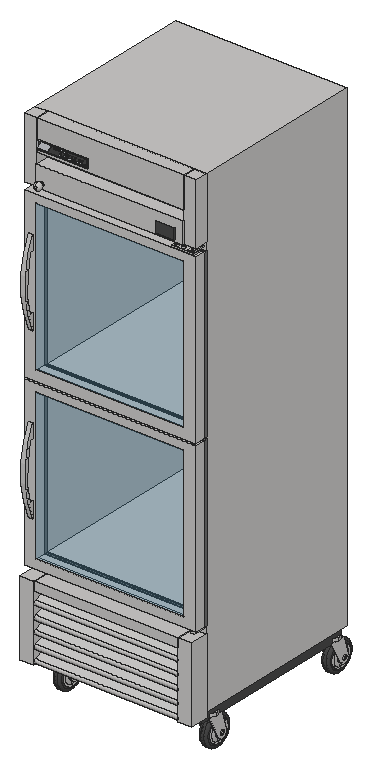
Revit family "QF_TRUE_T-23DT-G-HC~FGD01", category Specialty Equipment, Revit 2015
Parameters (values of type "T-23DT-G-HC~FGD01_115/60/1'")
  Weight in Pounds = 380
  Watts = if(Phase = 3, Volts * FL Amps * 1.73, Volts * FL Amps)  # 724.5 W
  Volts = 115 V
  URL Cutsheet = ""
  Specification by User = ""
  Specification by Manufacturer = ""
  Show Logo [instance] = yes
  Show Clearance [instance] = yes
  Show 6 Inches Standard Legs [instance] = no
  Show 6 Inches Seismic Flanged Legs [instance] = no
  Show 5 Inches Castors [instance] = if(Show 6 Inches Seismic Flanged Legs, or(Show 6 Inches Standard Legs, Show 2.5 Inches Castors), if(Show 2.5 Inches Castors, Show 6 Inches Standard Legs, not(or(Show 6 Inches Standard Legs, Show 2.5 Inches Castors, Show 6 Inches Seismic Flanged Legs))))  # yes
  Show 2.5 Inches Castors [instance] = no
  Overall Height [instance] = Body Height + Base Height  # 83 11/32"
  Keynote = ""
  Serial Number = ""
  Seismic Rating = ""
  SMACNA No = ""
  Revision Code = ""
  Phase = 1
  Number of Poles = 1
  NAFEM Spec ID Number = ""
  Model = "T-23DT-G-HC~FGD01"
  Min Ckt Ampacity = 0 A
  Max Overcurrent Protection = 0 A
  Masterspec = ""
  Manufacturer = "TRUE"
  Length = 27 1/32"
  Item Number = ""
  Installed By = ""
  Identify Quantity as Lot = yes
  Height = 83 11/32"
  HP = "1/2"
  Furnished By = ""
  Foodservice Equipment Identifier = yes
  FL Amps = 6.3 A
  Electrical Remarks = ""
  Electric Connection Type = ""
  Elec Conn RI Height = 0"
  Elec Conn Connection Height = 0"
  Description = "REACH-IN COMBINATION HALF SWING DOOR REFRIGERATOR WITH HYDROCARBON REFRIGERANT~FRAMED GLASS DOOR VERSION 01"
  Depth = 31 13/16"
  Cycle = 60 Hz
  Conn Plug = "NEMA 5-15P"
  Conn Conduit = yes
  CSI MasterFormat = ""
  Body Height [instance] = 78 11/32"
  Base Height [instance] = if(Show 5 Inches Castors, 5", if(Show 6 Inches Seismic Flanged Legs, 6", if(Show 6 Inches Standard Legs, 6", if(Show 2.5 Inches Castors, 2 1/2", 5 1/4"))))  # 5"
  Apparent Power = if(Phase = 3, Volts * FL Amps * 1.73, Volts * FL Amps)  # 724.5 VA
  6 Inches Standard Legs [instance] = and(Show 6 Inches Standard Legs, not(Show 5 Inches Castors))  # no
  6 Inches Seismic Flanged Legs [instance] = and(Show 6 Inches Seismic Flanged Legs, not(Show 5 Inches Castors))  # no
  2.5 Inches Castors [instance] = and(Show 2.5 Inches Castors, not(Show 5 Inches Castors))  # no
Reference planes (in)
  plane 1 "BACK": y = 0
  plane 2: z = 0
  plane 3 "LEFT": x = 0
  plane 4 "RIGHT": x = 27.03125
  plane 5 "FRONT": y = -31.8125
  plane 6 "TOP": z = 5
  plane 7 "Center Y": x = 13.51563
  plane 8 "Center X": y = -15.90625
  plane 9: z = 83.34375
Dimensions and locks (in)
  equal spacing: plane 3 "LEFT", plane 7 "Center Y", plane 4 "RIGHT"
  "Length": plane 3 "LEFT" to plane 4 "RIGHT"
  equal spacing: plane 5 "FRONT", plane 8 "Center X", plane 1 "BACK"
  "Depth": plane 5 "FRONT" to plane 1 "BACK"
  "Base Height": plane 6 "TOP" to level
  plane 4 "RIGHT" to plane 3 "LEFT" = 27 1/32"
  "Body Height": plane 9 to plane 6 "TOP"
  "Overall Height": plane 9 to plane 2
  aligned and locked: plane 2 to level
  aligned and locked: nested 1 to plane 6 "TOP"
Nested families (in)
  nested 1: "T-23DT-G-HC-FGD01" at (0, 0, 5), type "T-23DT-G-HC-FGD01"
    with Show Logo yes, Show Clearance yes
  nested 2: "CASTER-LEGS" at (25.05311, -25.46213, 0), Show Siesmic Flanged <- "Show 6 Inches Seismic Flanged Legs", Show 6 Inches Legs <- "Show 6 Inches Standard Legs", Show 6" Casters <- "Show 5 Inches Castors", Show 2.5 Casters <- "Show 2.5 Inches Castors", type "CASTER-LEGS"
    with Type Mark "", Status "", Specification by User "", Show Siesmic Flanged no, Show 6" Casters yes, Show 6 Inches Legs no, Show 5" Casters no, Show 4" Casters no, Show 2.5 Standard Legs no, Show 2.5 Casters no, Revision Code "", Low Profile yes, Item Number "", Installed By "", Identify Quantity as Lot yes, Furnished By "", Foodservice Equipment Identifier yes
  nested 3: "CASTER-LEGS" at (1.97814, -25.46213, 0), Show Siesmic Flanged <- "Show 6 Inches Seismic Flanged Legs", Show 6 Inches Legs <- "Show 6 Inches Standard Legs", Show 6" Casters <- "Show 5 Inches Castors", Show 2.5 Casters <- "Show 2.5 Inches Castors", type "CASTER-LEGS"
    with Type Mark "", Status "", Specification by User "", Show Siesmic Flanged no, Show 6" Casters yes, Show 6 Inches Legs no, Show 5" Casters no, Show 4" Casters no, Show 2.5 Standard Legs no, Show 2.5 Casters no, Revision Code "", Low Profile yes, Item Number "", Installed By "", Identify Quantity as Lot yes, Furnished By "", Foodservice Equipment Identifier yes
  nested 4: "CASTER-LEGS" at (25.05311, -1.33713, 0), Show Siesmic Flanged <- "Show 6 Inches Seismic Flanged Legs", Show 6 Inches Legs <- "Show 6 Inches Standard Legs", Show 6" Casters <- "Show 5 Inches Castors", Show 2.5 Casters <- "Show 2.5 Inches Castors", type "CASTER-LEGS"
    with Type Mark "", Status "", Specification by User "", Show Siesmic Flanged no, Show 6" Casters yes, Show 6 Inches Legs no, Show 5" Casters no, Show 4" Casters no, Show 2.5 Standard Legs no, Show 2.5 Casters no, Revision Code "", Low Profile yes, Item Number "", Installed By "", Identify Quantity as Lot yes, Furnished By "", Foodservice Equipment Identifier yes
  nested 5: "CASTER-LEGS" at (1.97814, -1.33713, 0), Show Siesmic Flanged <- "Show 6 Inches Seismic Flanged Legs", Show 6 Inches Legs <- "Show 6 Inches Standard Legs", Show 6" Casters <- "Show 5 Inches Castors", Show 2.5 Casters <- "Show 2.5 Inches Castors", type "CASTER-LEGS"
    with Type Mark "", Status "", Specification by User "", Show Siesmic Flanged no, Show 6" Casters yes, Show 6 Inches Legs no, Show 5" Casters no, Show 4" Casters no, Show 2.5 Standard Legs no, Show 2.5 Casters no, Revision Code "", Low Profile yes, Item Number "", Installed By "", Identify Quantity as Lot yes, Furnished By "", Foodservice Equipment Identifier yes
Connectors (in)
  electrical at (12.40625, 0.25, 7.43713), driven by "Volts", driven by "Watts"
    settings: on nested 1, index 1, voltage 115 V, apparent load 724.5 VA, apparent load phase1 0 VA, apparent load phase2 0 VA, apparent load phase3 0 VA, power factor 1, load classification "Other", number of poles 1, system type 30, power factor state 1, is connector primary yes, connector utility no, sub classification motor no, connector description "ELECTRICAL CONNECTION"
Definition of nested family "T-23DT-G-HC-FGD01"
  Parameters (values of type "T-23DT-G-HC-FGD01")
    Weight in Pounds = 0
    Watts = if(Phase = 3, Volts * FL Amps * 1.73, Volts * FL Amps)  # 0 W
    Volts = 0 V
    URL Cutsheet = ""
    Specification by User = ""
    Specification by Manufacturer = ""
    Show Logo [instance] = yes
    Show Clearance [instance] = yes
    Serial Number = ""
    Seismic Rating = ""
    SMACNA No = ""
    Revision Code = ""
    Phase = 0
    Number of Poles = 1
    NAFEM Spec ID Number = ""
    Model = "T-23DT-G-HC~FGD01"
    Min Ckt Ampacity = 0 A
    Max Overcurrent Protection = 0 A
    Masterspec = ""
    Manufacturer = "TRUE"
    Length = 27 1/32"
    Item Number = ""
    Installed By = ""
    Identify Quantity as Lot = yes
    Height = 78 11/32"
    HP = ""
    Furnished By = ""
    Foodservice Equipment Identifier = yes
    FL Amps = 0 A
    Electrical Remarks = ""
    Electric Connection Type = ""
    Elec Conn RI Height = 0"
    Elec Conn Connection Height = 0"
    Description = ""
    Depth = 31 13/16"
    Cycle = 0 Hz
    Conn Plug = ""
    Conn Conduit = yes
    CSI MasterFormat = ""
    Apparent Power = if(Phase = 3, Volts * FL Amps * 1.73, Volts * FL Amps)  # 0 VA
  Reference planes (in)
    plane 1 "BACK": y = 0
    plane 2: z = 0
    plane 3 "LEFT": x = 0
    plane 4 "RIGHT": x = 27.03125
    plane 5 "FRONT": y = -31.8125
    plane 6 "TOP": z = 78.34375
    plane 7 "Center Y": x = 13.51563
    plane 8 "Center X": y = -15.90625
    plane 9: y = -30.34375
    plane 10: y = -55.75
    plane 11: y = -0.53125
  Forms (in)
    Extrusion 1, solid
      sketch origin (0, 0, -3.4375) x (0, 1, 0) y (0, 0, 1)
        loop
          line (-27.83459, 5.6875) -> (-27.83459, 3.4375) -> (-0.53125, 3.4375) -> (-0.53125, 5.6875) -> (-27.83459, 5.6875)
      from 1.05258 to 25.94742
    Extrusion 2, solid
      sketch origin (0, 0, 59.09193) x (0, 0, -1) y (-1, 0, 0)
        loop
          circle (56.6548, -12.40625) r 0.25
      from 0 to 0.25
    Extrusion 3, solid
      sketch origin (0, 0, -3.4375) x (0, 1, 0) y (0, 0, 1)
        loop
          line (0, 17.70886) -> (-0.53125, 17.70886) -> (-0.53125, 4.13763) -> (0, 4.13763) -> (0, 17.70886)
      from 1.05258 to 23.84813
    Extrusion 4, solid
      sketch origin (0, -17.5, -3.4375) x (0, 1, 0) y (0, 0, 1)
        loop
          line (-13.71875, 16.72427) -> (-13.71875, 15.32363) -> (-10.75, 15.32363) -> (-10.75, 16.72427) -> (-13.71875, 16.72427)
        loop
          line (-13.20993, 5.0211) -> (-10.75, 5.97002) -> (-10.75, 6.77338) -> (-13.4787, 5.72128)
          arc (-13.4787, 5.72128) -> (-13.69441, 5.2368) -> (-13.20993, 5.0211) r 0.375
        loop
          line (-13.20993, 9.13047) -> (-10.75, 10.0794) -> (-10.75, 10.88276) -> (-13.4787, 9.83066)
          arc (-13.4787, 9.83066) -> (-13.69441, 9.34618) -> (-13.20993, 9.13047) r 0.375
        loop
          line (-13.20993, 7.07086) -> (-10.75, 8.01978) -> (-10.75, 8.82314) -> (-13.4787, 7.77104)
          arc (-13.4787, 7.77104) -> (-13.69441, 7.28656) -> (-13.20993, 7.07086) r 0.375
        loop
          line (-13.20993, 11.19009) -> (-10.75, 12.13901) -> (-10.75, 12.94237) -> (-13.4787, 11.89027)
          arc (-13.4787, 11.89027) -> (-13.69441, 11.40579) -> (-13.20993, 11.19009) r 0.375
        loop
          line (-13.20993, 13.24971) -> (-10.75, 14.19863) -> (-10.75, 14.94863) -> (-13.4787, 13.94989)
          arc (-13.4787, 13.94989) -> (-13.69441, 13.46541) -> (-13.20993, 13.24971) r 0.375
      from 2.10981 to 24.89019
    Extrusion 5, solid
      sketch origin (0, -6, -3.4375) x (0, 1, 0) y (0, 0, 1)
        loop
          line (-24.34375, 81.78125) -> (-24.34375, 72.09417) -> (-22.25, 72.09417) -> (-22.25, 81.78125) -> (-24.34375, 81.78125)
      from 0 to 1.90515
    Extrusion 6, solid
      sketch origin (0, -6, -3.4375) x (0, 1, 0) y (0, 0, 1)
        loop
          line (-24.5, 75.37331) -> (-24.5, 72.09417) -> (-22.25, 72.09417) -> (-22.25, 75.37331) -> (-24.5, 75.37331)
        loop
          line (-24.34375, 76.95333) -> (-22.25, 76.95333) -> (-22.25, 81.78125) -> (-24.34375, 81.78125) -> (-24.34375, 76.95333)
      from 1.90515 to 25.09485
    Extrusion 7, solid
      sketch origin (0, 3.5, -0.60715) x (0, -1, 0) y (0, 0, 1)
        loop
          line (31.76964, 13.89392) -> (31.76964, 2.10715) -> (34.73839, 2.10715) -> (34.73839, 13.89392) -> (31.76964, 13.89392)
      from -2.10981 to 0
    Extrusion 8, solid
      sketch origin (0.25, -30.5, 69.375) x (0, 0, 1) y (-1, 0, 0)
        loop
          line (1.12393, -20.5494) -> (-0.51594, -20.5494) -> (-0.51594, -23.49734) -> (1.12393, -23.49734) -> (1.12393, -20.5494)
      from 0 to 0.0625
    Extrusion 9, solid
      sketch origin (27, -6, 0) x (0, -1, 0) y (0, 0, 1)
        loop
          line (24.34375, 78.34375) -> (22.25, 78.34375) -> (22.25, 68.65667) -> (24.34375, 68.65667) -> (24.34375, 78.34375)
      from -0.03125 to 1.90515
    Extrusion 10, solid
      sketch origin (27, 3.5, -0.60715) x (0, -1, 0) y (0, 0, -1)
        loop
          line (31.75, -13.89392) -> (34.73839, -13.89392) -> (34.73839, -2.10715) -> (31.75, -2.10715) -> (31.75, -13.89392)
      from -2.10981 to 0.03125
    Revolve 11, solid
      sketch origin (2.8125, -5.41031, -0.74369) x (0, 1, 0) y (0, 0, 1)
        loop
          line (-26.21193, 70.08568) -> (-25.08969, 70.08568) -> (-25.08969, 70.38048) -> (-25.29687, 70.38048) -> (-25.29687, 70.44449) -> (-25.41402, 70.44449)
          arc (-25.41402, 70.44449) -> (-25.84599, 70.63218) -> (-26.21193, 70.33568) r 0.45393
          line (-26.21193, 70.33568) -> (-26.21193, 70.08568)
        axis (-26.21193, 70.08568) -> (-25.08969, 70.08568)
      angle from 0 to 360
    Extrusion 12, solid
      sketch origin (0, -0.5, 75.5) x (0, 0, -1) y (-1, 0, 0)
        loop
          line (-2.84375, -27.03125) -> (73.25, -27.03125) -> (73.25, 0) -> (-2.84375, 0) -> (-2.84375, -27.03125)
        loop
          line (9.25987, -1.82422) -> (9.25987, -25.17578) -> (32.87553, -25.17578) -> (32.87553, -1.82422) -> (9.25987, -1.82422)
        loop
          line (35.87435, -1.82422) -> (35.87435, -25.17578) -> (59.49, -25.17578) -> (59.49, -1.82422) -> (35.87435, -1.82422)
      from -0.03125 to -27.75
    Extrusion 13, solid
      sketch origin (0, -0.53125, 75.5) x (0, 0, -1) y (-1, 0, 0)
        loop
          line (9.25987, -25.17578) -> (32.87553, -25.17578) -> (32.87553, -1.82422) -> (9.25987, -1.82422) -> (9.25987, -25.17578)
        loop
          line (35.87435, -25.17578) -> (59.49, -25.17578) -> (59.49, -1.82422) -> (35.87435, -1.82422) -> (35.87435, -25.17578)
      from 0 to -1
    Extrusion 14, solid
      sketch origin (0, -27.76662, 2.25) x (0, 0, 1) y (-1, 0, 0)
        loop
          line (38.87447, 0) -> (38.87447, -27.03125) -> (65.18935, -27.03125) -> (65.18935, 0) -> (38.87447, 0)
        loop
          line (40.37447, -25.17578) -> (63.99013, -25.17578) -> (63.99013, -1.82422) -> (40.37447, -1.82422) -> (40.37447, -25.17578)
        loop
          line (12.26, 0) -> (12.26, -27.03125) -> (38.57487, -27.03125) -> (38.57487, 0) -> (12.26, 0)
        loop
          line (13.76, -25.17578) -> (37.37565, -25.17578) -> (37.37565, -1.82422) -> (13.76, -1.82422) -> (13.76, -25.17578)
      from 0.88884 to 2.57713
    Extrusion 15, solid
      sketch origin (0, -30.34375, 2.25) x (0, 0, 1) y (-1, 0, 0)
        loop
          line (63.99013, -1.82422) -> (40.37447, -1.82422) -> (40.37447, -25.17578) -> (63.99013, -25.17578) -> (63.99013, -1.82422)
        loop
          line (37.37565, -1.82422) -> (13.76, -1.82422) -> (13.76, -25.17578) -> (37.37565, -25.17578) -> (37.37565, -1.82422)
      from 0 to -0.25
    Extrusion 16, solid
      sketch origin (27, -27.76662, 41.12447) x (0, 1, 0) y (1, 0, 0)
        loop
          line (0, -1.12575) -> (0, -0.18267) -> (-2.06523, -0.22464)
          arc (-2.06523, -0.22464) -> (-2.48736, -0.65421) -> (-2.06523, -1.08378) r 0.42963
          line (-2.06523, -1.08378) -> (0, -1.12575)
        loop
          circle (-2.05773, -0.65421) r 0.25
      from 0 to 0.22057
    Extrusion 17, solid
      sketch origin (27, -27.76662, 41.12447) x (0, 1, 0) y (1, 0, 0)
        loop
          circle (-2.05773, -0.65421) r 0.25
      from 0 to 0.29961
    Extrusion 18, solid
      sketch origin (0, -27.76662, 67.43935) x (1, 0, 0) y (0, 1, 0)
        loop
          line (26.55784, -1.27764) -> (23.09274, -1.27764) -> (23.09274, -2.32875) -> (26.55784, -2.32875) -> (26.55784, -1.27764)
        loop
          circle (26.12238, -1.82353) r 0.25
        loop
          circle (24.47212, -1.81192) r 0.25
        loop
          circle (23.47212, -1.81192) r 0.25
      from 0 to 0.22057
    Extrusion 19, solid
      sketch origin (0, -27.76662, 67.43935) x (1, 0, 0) y (0, 1, 0)
        loop
          circle (24.47212, -1.81192) r 0.25
        loop
          circle (23.47212, -1.81192) r 0.25
      from 0 to 0.31015
    Extrusion 20, solid
      sketch origin (0, -27.76662, 67.93699) x (1, 0, 0) y (0, 1, 0)
        loop
          circle (26.09249, -1.82353) r 0.25
      from 0.07804 to -0.27708
    Extrusion 21, solid
      sketch origin (0, -27.76662, 67.74949) x (1, 0, 0) y (0, 1, 0)
        loop
          line (26.54743, -2.35477) -> (26.51476, -0.48338) -> (25.58009, -0.48338) -> (25.54743, -2.35477) -> (26.54743, -2.35477)
        loop
          circle (26.09249, -1.82353) r 0.25
      from 0 to 0.1875
    Extrusion 22, solid
      sketch origin (27, -27.76662, 14.27136) x (0, 1, 0) y (1, 0, 0)
        loop
          line (0, -1.157) -> (0, -0.21392) -> (-2.06523, -0.25589)
          arc (-2.06523, -0.25589) -> (-2.48736, -0.68546) -> (-2.06523, -1.11503) r 0.42963
          line (-2.06523, -1.11503) -> (0, -1.157)
        loop
          circle (-2.05773, -0.68546) r 0.25
      from 0 to 0.22057
    Extrusion 23, solid
      sketch origin (27, -27.76662, 14.27136) x (0, 1, 0) y (1, 0, 0)
        loop
          circle (-2.05773, -0.68546) r 0.25
      from -0.23863 to 0.29961
    Extrusion 24, solid, visible <- "Show Clearance", detail levels coarse
      sketch origin (0, -5.51662, 0) x (1, 0, 0) y (0, 1, 0)
        loop
          arc (0.00831, -24.82713) -> (7.82857, -43.5829) -> (27.03125, -50.23063) r 24.84839
          line (27.03125, -50.23063) -> (27.03125, -24.82713) -> (0.00831, -24.82713)
      from 14.27136 to 67.43935
    Extrusion 25, solid
      sketch origin (0, 0.48338, 0) x (0, 1, 0) y (0, 0, 1)
        loop
          arc (-30.81053, 61.74013) -> (-32.29588, 54.86513) -> (-30.81053, 47.99013) r 16.65319
          line (-30.81053, 47.99013) -> (-30.81053, 50.53185) -> (-31.34273, 50.53185)
          arc (-31.34273, 50.53185) -> (-31.92082, 54.91228) -> (-31.31775, 59.28934) r 16.52819
          line (-31.31775, 59.28934) -> (-30.81053, 59.28934) -> (-30.81053, 61.74013)
        loop
          arc (-30.81053, 35.12565) -> (-32.29588, 28.25065) -> (-30.81053, 21.37565) r 16.65319
          line (-30.81053, 21.37565) -> (-30.81053, 23.91737) -> (-31.34273, 23.91737)
          arc (-31.34273, 23.91737) -> (-31.92082, 28.2978) -> (-31.31775, 32.67487) r 16.52819
          line (-31.31775, 32.67487) -> (-30.81053, 32.67487) -> (-30.81053, 35.12565)
      from 0.58405 to 1.24392
    Extrusion 26, solid
      sketch origin (0, -28.25, 75.5) x (0, 0, 1) y (-1, 0, 0)
        loop
          line (-8.06065, -27.03125) -> (-8.06065, 0) -> (-34.37553, 0) -> (-34.37553, -27.03125) -> (-8.06065, -27.03125)
        loop
          line (-60.99, -27.03125) -> (-34.67513, -27.03125) -> (-34.67513, 0) -> (-60.99, 0) -> (-60.99, -27.03125)
        loop
          line (-9.25987, -1.82422) -> (-32.87553, -1.82422) -> (-32.87553, -25.17578) -> (-9.25987, -25.17578) -> (-9.25987, -1.82422)
        loop
          line (-59.49, -1.82422) -> (-59.49, -25.17578) -> (-35.87435, -25.17578) -> (-35.87435, -1.82422) -> (-59.49, -1.82422)
      from 0 to 0.40545
  Cuts and joins
    joined: Extrusion 12, Extrusion 13
  Lines and regions (in)
    symbolic lines
      curve 1: arc (2.45369, -30.82433, 0) -> (2.26508, -31.25642, 0) -> (2.5625, -31.62224, 0) r 0.45314
      curve 2: arc (3.17131, -30.82433, 0) -> (3.35488, -31.25573, 0) -> (3.0625, -31.62224, 0) r 0.4576
      curve 3: line (2.5625, -31.62224, 0) -> (3.0625, -31.62224, 0)
      curve 4: line (2.45369, -30.82433, 0) -> (3.17131, -30.82433, 0)
      curve 5: line (3.17131, -30.70718, 0) -> (3.17131, -30.82433, 0)
      curve 6: line (2.45369, -30.70718, 0) -> (2.45369, -30.82433, 0)
      curve 7: line (2.45369, -30.70718, 0) -> (3.17131, -30.70718, 0)
      curve 8: line (2.5177, -30.70718, 0) -> (2.5177, -30.34375, 0)
      curve 9: line (3.1073, -30.70718, 0) -> (3.1073, -30.34375, 0)
      curve 10: line (0, -31.23839, 0) -> (2.26299, -31.23839, 0)
      curve 11: line (3.3569, -31.23839, 0) -> (27.03125, -31.23839, 0)
      curve 12: line (0.58405, -31.23839, 0) -> (0.58405, -31.8125, 0)
      curve 13: line (0.58405, -31.8125, 0) -> (1.23822, -31.8125, 0)
      curve 14: line (1.23822, -31.8125, 0) -> (1.23822, -31.23839, 0)
      curve 15: line (0, -28.25, 0) -> (27.03125, -28.25, 0)
      curve 16: line (27.03125, -31.23839, 0) -> (27.03125, -0.53125, 0)
      curve 17: line (27.03125, -0.53125, 0) -> (0, -0.53125, 0)
      curve 18: line (0, -0.53125, 0) -> (0, -31.23839, 0)
      curve 19: arc (-0.00748, -31.23839, 0) -> (1.04948, -38.17217, 0) -> (4.00211, -44.53427, 0) r 24.84569
      curve 20: line (0, -30.34375, 0) -> (27.03125, -30.34375, 0)
      curve 21: line (1.05258, 0, 0) -> (1.05258, -0.53125, 0)
      curve 22: line (1.05258, 0, 0) -> (23.84813, 0, 0)
      curve 23: line (23.84813, 0, 0) -> (23.84813, -0.53125, 0)
      curve 24: line (4.00211, -44.53427, 0) -> (27.03125, -31.23839, 0)
      curve 25: line (1.90515, -28.25, 0) -> (1.90515, -30.34375, 0)
      curve 26: line (25.09485, -28.25, 0) -> (25.09485, -30.34375, 0)
  Dimensions and locks (in)
    equal spacing: plane 3 "LEFT", plane 7 "Center Y", plane 4 "RIGHT"
    "Length": plane 3 "LEFT" to plane 4 "RIGHT"
    equal spacing: plane 5 "FRONT", plane 8 "Center X", plane 1 "BACK"
    "Depth": plane 5 "FRONT" to plane 1 "BACK"
    "Height": plane 6 "TOP" to level
    plane 5 "FRONT" to plane 1 "BACK" = 31 13/16"
    plane 4 "RIGHT" to plane 3 "LEFT" = 27 1/32"
    plane 1 "BACK" to plane 10 = 55 3/4"
    plane 9 to plane 11 = 29 13/16"
    plane 11 to plane 1 "BACK" = 17/32"
    aligned and locked: level to plane 2
  Automatic sketch dimensions
    Extrusion 1 sketch curve to level = 0"
    plane 9 to Extrusion 1 sketch curve = 2.50916"
    Extrusion 1 sketch curve to plane 11 = 0"
    level to Extrusion 1 sketch curve = 2 1/4"
    Extrusion 2 sketch curve to plane 7 "Center Y" = 1 7/64"
    level to Extrusion 2 sketch curve = 2.43713"
    Extrusion 3 sketch curve to plane 1 "BACK" = 0"
    Extrusion 3 sketch curve to plane 11 = 0"
    level to Extrusion 3 sketch curve = 0.70013"
    Extrusion 3 sketch curve to Extrusion 3 sketch curve = 13.57123"
    Extrusion 4 sketch curve to plane 5 "FRONT" = 19/32"
    Extrusion 4 sketch curve to plane 9 = 0.63495"  (x5)
    Extrusion 4 sketch curve to Extrusion 4 sketch curve = 0.13439"  (x5)
    Extrusion 4 sketch curve to plane 9 = 0.36618"  (x5)
    plane 9 to Extrusion 4 sketch curve = 2 3/32"  (x2)
    Extrusion 4 sketch curve to Extrusion 4 sketch curve = 0"  (x4)
    level to Extrusion 4 sketch curve = 1.5836"
    Extrusion 4 sketch curve to Extrusion 4 sketch curve = 0.35009"  (x5)
    level to Extrusion 4 sketch curve = 2.53252"
    Extrusion 4 sketch curve to Extrusion 4 sketch curve = 0.80336"  (x4)
    Extrusion 4 sketch curve to Extrusion 4 sketch curve = 1.34957"
    Extrusion 4 sketch curve to Extrusion 4 sketch curve = 1.2464"
    Extrusion 4 sketch curve to Extrusion 4 sketch curve = 1.35943"  (x3)
    Extrusion 4 sketch curve to Extrusion 4 sketch curve = 1.25626"  (x3)
    Extrusion 4 sketch curve to Extrusion 4 sketch curve = 3/4"
    Extrusion 4 sketch curve to Extrusion 4 sketch curve = 3/8"
    Extrusion 4 sketch curve to Extrusion 4 sketch curve = 1.40064"
    Extrusion 5 sketch curve to plane 9 = 0"
    Extrusion 5 sketch curve to plane 6 "TOP" = 0"
    Extrusion 5 sketch curve to Extrusion 5 sketch curve = 2 3/32"
    Extrusion 5 sketch curve to plane 6 "TOP" = 9.68708"
    Extrusion 6 sketch curve to plane 6 "TOP" = 0"
    Extrusion 6 sketch curve to plane 9 = 0"
    Extrusion 6 sketch curve to plane 9 = 5/32"
    plane 9 to Extrusion 6 sketch curve = 2 3/32"
    Extrusion 6 sketch curve to Extrusion 6 sketch curve = 0"
    Extrusion 6 sketch curve to plane 6 "TOP" = 4.82792"
    Extrusion 6 sketch curve to Extrusion 6 sketch curve = 1.58002"
    Extrusion 6 sketch curve to Extrusion 6 sketch curve = 3.27914"
    plane 9 to Extrusion 7 sketch curve = 2.07411"
    Extrusion 7 sketch curve to plane 5 "FRONT" = 0.57411"
    level to Extrusion 7 sketch curve = 1 1/2"
    Extrusion 7 sketch curve to Extrusion 7 sketch curve = 11.78677"
    Extrusion 8 sketch curve to plane 6 "TOP" = 9.48469"
    Extrusion 8 sketch curve to Extrusion 8 sketch curve = 1.63987"
    plane 4 "RIGHT" to Extrusion 8 sketch curve = 3.28391"
    Extrusion 8 sketch curve to Extrusion 8 sketch curve = 2.94794"
    Extrusion 9 sketch curve to plane 6 "TOP" = 0"
    Extrusion 9 sketch curve to plane 9 = 0"
    Extrusion 9 sketch curve to Extrusion 9 sketch curve = 2 3/32"
    Extrusion 9 sketch curve to plane 6 "TOP" = 9.68708"
    plane 9 to Extrusion 10 sketch curve = 2 3/32"
    Extrusion 10 sketch curve to plane 5 "FRONT" = 0.57411"
    level to Extrusion 10 sketch curve = 13.28677"
    level to Extrusion 10 sketch curve = 1 1/2"
    Revolve 11 sketch curve to plane 5 "FRONT" = 0.19026"
    Revolve 11 sketch curve to Revolve 11 sketch curve = 0.42727"
    Revolve 11 sketch curve to Revolve 11 sketch curve = 0.37064"
    Revolve 11 sketch curve to Revolve 11 sketch curve = 0.11714"
    Revolve 11 sketch curve to plane 9 = 5/32"
    Revolve 11 sketch curve to plane 6 "TOP" = 9.00176"
    Revolve 11 sketch curve to Revolve 11 sketch curve = 0.09674"
    Revolve 11 sketch curve to Revolve 11 sketch curve = 1/4"
    Revolve 11 sketch curve to Revolve 11 sketch curve = 0.064"
    Revolve 11 sketch curve to Revolve 11 sketch curve = 0"  (x2)
    plane 9 to Revolve 11 sketch curve = 0.47006"
    Extrusion 12 sketch curve to plane 6 "TOP" = 0"
    Extrusion 12 sketch curve to plane 3 "LEFT" = 0"
    plane 4 "RIGHT" to Extrusion 12 sketch curve = 1 219/256"  (x2)
    Extrusion 12 sketch curve to plane 6 "TOP" = 12.10362"
    Extrusion 12 sketch curve to Extrusion 12 sketch curve = 23.61565"
    Extrusion 12 sketch curve to Extrusion 12 sketch curve = 2.99882"
    level to Extrusion 12 sketch curve = 16.01"
    plane 4 "RIGHT" to Extrusion 12 sketch curve = 0"
    level to Extrusion 12 sketch curve = 2 1/4"
    plane 3 "LEFT" to Extrusion 12 sketch curve = 1 211/256"  (x2)
    Extrusion 13 sketch curve to Extrusion 12 = 0"  (x7)
    Extrusion 12 to Extrusion 13 sketch curve = 0"
    Extrusion 14 sketch curve to plane 3 "LEFT" = 0"  (x2)
    level to Extrusion 14 sketch curve = 14.51"
    Extrusion 14 sketch curve to Extrusion 14 sketch curve = 1 1/2"  (x2)
    plane 4 "RIGHT" to Extrusion 14 sketch curve = 1 219/256"  (x2)
    Extrusion 14 sketch curve to Extrusion 14 sketch curve = 23.61565"
    plane 4 "RIGHT" to Extrusion 14 sketch curve = 0"  (x2)
    Extrusion 14 sketch curve to Extrusion 14 sketch curve = 1 51/256"  (x2)
    Extrusion 14 sketch curve to Extrusion 14 sketch curve = 0.29961"
    plane 3 "LEFT" to Extrusion 14 sketch curve = 1 211/256"  (x2)
    Extrusion 14 sketch curve to plane 6 "TOP" = 12.10362"
    Extrusion 14 to Extrusion 15 sketch curve = 0"  (x2)
    Extrusion 15 sketch curve to Extrusion 14 = 0"  (x6)
    Extrusion 16 sketch curve to Extrusion 16 sketch curve = 0"  (x2)
    Extrusion 16 sketch curve to Extrusion 14 = 0.51191"  (x2)
    Extrusion 16 sketch curve to Extrusion 14 = 0.25589"
    Extrusion 16 sketch curve to Extrusion 16 sketch curve = 0.0075"
    Extrusion 14 to Extrusion 16 sketch curve = 0.88884"
    Extrusion 16 sketch curve to Extrusion 14 = 0.21392"
    Extrusion 16 sketch curve to Extrusion 16 sketch curve = 0.42957"
    Extrusion 16 sketch curve to Extrusion 16 sketch curve = 0.94308"
    Extrusion 17 sketch curve to Extrusion 14 = 0.5194"
    Extrusion 17 sketch curve to Extrusion 14 = 0.68546"
    Extrusion 14 to Extrusion 18 sketch curve = 0.24838"
    Extrusion 14 to Extrusion 18 sketch curve = 3.93851"
    Extrusion 18 sketch curve to Extrusion 18 sketch curve = 0.37938"
    Extrusion 18 sketch curve to Extrusion 18 sketch curve = 1"
    Extrusion 14 to Extrusion 18 sketch curve = 0.90887"
    Extrusion 14 to Extrusion 18 sketch curve = 0.47341"
    Extrusion 18 sketch curve to Extrusion 18 sketch curve = 0.50522"
    Extrusion 14 to Extrusion 18 sketch curve = 0.76522"
    Extrusion 18 sketch curve to Extrusion 18 sketch curve = 0.51683"
    Extrusion 14 to Extrusion 18 sketch curve = 0.3888"
    Extrusion 14 to Extrusion 19 sketch curve = 0.76522"  (x2)
    Extrusion 14 to Extrusion 19 sketch curve = 3.55913"
    Extrusion 19 sketch curve to Extrusion 19 sketch curve = 1"
    Extrusion 21 sketch curve to Extrusion 21 sketch curve = 0.03267"
    Extrusion 21 sketch curve to Extrusion 21 sketch curve = 0.54506"
    Extrusion 21 sketch curve to Extrusion 21 sketch curve = 0.93467"
    Extrusion 21 sketch curve to Extrusion 21 sketch curve = 0.45494"
    Extrusion 21 sketch curve to Extrusion 21 sketch curve = 17/32"
    Extrusion 21 sketch curve to Extrusion 21 sketch curve = 1.34015"
    Extrusion 22 sketch curve to Extrusion 22 sketch curve = 0"  (x2)
    plane 9 to Extrusion 22 sketch curve = 0.51191"  (x2)
    Extrusion 22 sketch curve to Extrusion 22 sketch curve = 0.0075"
    plane 4 "RIGHT" to Extrusion 22 sketch curve = 1.18825"
    Extrusion 22 sketch curve to Extrusion 22 sketch curve = 2.06523"
    plane 4 "RIGHT" to Extrusion 22 sketch curve = 1.14628"
    Extrusion 22 sketch curve to Extrusion 22 sketch curve = 0.42957"
    plane 4 "RIGHT" to Extrusion 22 sketch curve = 0.24517"
    plane 9 to Extrusion 23 sketch curve = 0.5194"
    plane 4 "RIGHT" to Extrusion 23 sketch curve = 0.71671"
    Extrusion 25 sketch curve to plane 9 = 0.5156"  (x2)
    Extrusion 25 sketch curve to plane 9 = 0.49062"  (x2)
    plane 9 to Extrusion 25 sketch curve = 0.01661"  (x4)
    plane 8 "Center X" to Extrusion 25 sketch curve = 0.74694"  (x2)
    Extrusion 25 sketch curve to Extrusion 25 sketch curve = 1/4"  (x2)
    level to Extrusion 25 sketch curve = 21.37565"
    Extrusion 25 sketch curve to Extrusion 25 sketch curve = 2.54172"  (x2)
    Extrusion 25 sketch curve to Extrusion 25 sketch curve = 4.33328"  (x2)
    Extrusion 25 sketch curve to Extrusion 25 sketch curve = 0"  (x2)
    Extrusion 25 sketch curve to Extrusion 25 sketch curve = 12.86448"
    plane 3 "LEFT" to Extrusion 24 sketch curve = 0.00831"
    plane 10 to Extrusion 24 sketch curve = 0.00275"
    Extrusion 24 sketch curve to plane 9 = 0"
    Extrusion 24 sketch curve to plane 9 = 0.65119"
    plane 4 "RIGHT" to Extrusion 24 sketch curve = 0"
    Extrusion 26 sketch curve to Extrusion 12 = 0"  (x9)
    Extrusion 12 to Extrusion 26 sketch curve = 1 51/256"
    Extrusion 26 sketch curve to Extrusion 26 sketch curve = 1 1/2"
    Extrusion 12 to Extrusion 26 sketch curve = 0"  (x3)
    Extrusion 26 sketch curve to Extrusion 12 = 1.49882"
    Extrusion 26 sketch curve to Extrusion 26 sketch curve = 0.29961"
    curve 17 to plane 3 "LEFT" = 0"
    plane 5 "FRONT" to curve 12 = 0"
    curve 21 to plane 11 = 0"
    plane 1 "BACK" to curve 21 = 0"
    curve 26 to plane 9 = 0"
    curve 16 to plane 4 "RIGHT" = 0"
    plane 3 "LEFT" to curve 12 = 0.58405"
    plane 3 "LEFT" to curve 21 = 1.05258"
    curve 12 to curve 14 = 0.65416"
    curve 4 to plane 9 = 0.48058"
    curve 14 to curve 4 = 1.21548"
    curve 3 to plane 5 "FRONT" = 0.19026"
    curve 1 to curve 3 = 0.10881"
    curve 1 to curve 1 = 0.26037"
    curve 1 to curve 2 = 0.18741"
    curve 2 to curve 3 = 0.16103"
    curve 2 to curve 5 = 0.26984"
    plane 3 "LEFT" to curve 24 = 4.00211"
    plane 4 "RIGHT" to curve 23 = 3.18312"
    curve 19 to plane 9 = 0.65488"
    plane 4 "RIGHT" to curve 19 = 2.19419"
    plane 10 to curve 24 = 11.21573"
    curve 16 to plane 5 "FRONT" = 0.57411"
    curve 18 to plane 5 "FRONT" = 0.57411"
    curve 1 to curve 6 = 0.11714"
    curve 19 to curve 10 = 0.00748"
    curve 25 to curve 6 = 0.54855"
    curve 6 to curve 8 = 0.064"
    curve 9 to curve 5 = 0.064"
    curve 19 to curve 26 = 33/128"
    curve 25 to curve 25 = 2 3/32"
    radius of Extrusion 2 sketch curve = 1/4"
    radius of Extrusion 16 sketch curve = 1/4"
    radius of Extrusion 17 sketch curve = 1/4"
    radius of Extrusion 18 sketch curve = 1/4"  (x3)
    radius of Extrusion 19 sketch curve = 1/4"  (x2)
    radius of Extrusion 20 sketch curve to Extrusion 21 = 0"
    radius of Extrusion 21 sketch curve = 1/4"
    radius of Extrusion 22 sketch curve = 1/4"
    radius of Extrusion 23 sketch curve = 1/4"
  Nested families (in)
    nested 1: "QF_LOGO_TRUE" at (1.90515, -30.34375, 73.9375), Show Logo <- "Show Logo", type "QF_LOGO_TRUE", detail levels medium+fine
      with Show Logo yes
  Definition of nested family "QF_LOGO_TRUE"
    Parameters (values of type "QF_LOGO_TRUE")
      Show Logo [instance] = yes
    Reference planes (in)
      plane 1 "Center (Front/Back)": y = 0
      plane 2: z = 0
      plane 3 "Center (Left/Right)": x = 0
    Forms (in)
      Extrusion 1, solid, visible <- "Show Logo"
        sketch origin (-78.34647, 34.76905, -30.51001) x (1, 0, 0) y (0, 0, 1)
          loop
            line (81.15226, 31.65456) -> (81.07353, 31.48573) -> (82.12083, 31.48573)
            arc (82.12083, 31.48573) -> (82.14208, 31.44814) -> (82.12083, 31.41055) r 0.04386
            line (82.12083, 31.41055) -> (81.84767, 30.82478)
            arc (81.84767, 30.82478) -> (81.84531, 30.77052) -> (81.882, 30.73048) r 0.07096
            line (81.882, 30.73048) -> (82.55165, 30.73048)
            arc (82.55165, 30.73048) -> (82.63621, 30.75714) -> (82.69019, 30.82748) r 0.14742
            line (82.69019, 30.82748) -> (82.90515, 31.28847) -> (83.10265, 31.28847)
            arc (83.10265, 31.28847) -> (83.15447, 31.26942) -> (83.14697, 31.21472) r 0.04405
            line (83.14697, 31.21472) -> (82.9671, 30.82899)
            arc (82.9671, 30.82899) -> (82.9699, 30.76493) -> (83.02398, 30.73048) r 0.06943
            line (83.02398, 30.73048) -> (83.6124, 30.73048)
            arc (83.6124, 30.73048) -> (83.65748, 30.74689) -> (83.68147, 30.78844) r 0.07014
            arc (83.68147, 30.78844) -> (83.69845, 30.74745) -> (83.73943, 30.73048) r 0.05796
            line (83.73943, 30.73048) -> (84.112, 30.73048)
            arc (84.112, 30.73048) -> (84.15504, 30.74201) -> (84.18655, 30.77352) r 0.08608
            arc (84.18655, 30.77352) -> (84.20164, 30.7371) -> (84.23806, 30.72202) r 0.0515
            line (84.23806, 30.72202) -> (84.76757, 30.72202)
            arc (84.76757, 30.72202) -> (84.81086, 30.73995) -> (84.8288, 30.78324) r 0.06122
            arc (84.8288, 30.78324) -> (84.86848, 30.74355) -> (84.92269, 30.72903) r 0.10842
            line (84.92269, 30.72903) -> (85.91461, 30.72903) -> (86.02479, 30.91987) -> (85.0243, 30.91987)
            arc (85.0243, 30.91987) -> (84.99669, 30.93902) -> (84.99566, 30.97261) r 0.03732
            line (84.99566, 30.97261) -> (85.01297, 31.00972)
            arc (85.01297, 31.00972) -> (85.03954, 31.04453) -> (85.0813, 31.05774) r 0.07263
            line (85.0813, 31.05774) -> (85.40289, 31.05774)
            arc (85.40289, 31.05774) -> (85.4723, 31.07633) -> (85.52311, 31.12715) r 0.13882
            line (85.52311, 31.12715) -> (85.61625, 31.28847)
            arc (85.61625, 31.28847) -> (85.61625, 31.37458) -> (85.54168, 31.41763) r 0.08611
            line (85.54168, 31.41763) -> (85.20227, 31.41763)
            arc (85.20227, 31.41763) -> (85.11574, 31.40294) -> (85.05538, 31.33923) r 0.13863
            line (85.05538, 31.33923) -> (84.89409, 30.99333)
            arc (84.89409, 30.99333) -> (84.84649, 30.9313) -> (84.77191, 30.90778) r 0.13002
            line (84.77191, 30.90778) -> (84.41984, 30.90778)
            arc (84.41984, 30.90778) -> (84.3777, 30.95378) -> (84.38042, 31.0161) r 0.08151
            line (84.38042, 31.0161) -> (84.56766, 31.41763) -> (84.44849, 31.41763) -> (84.25012, 30.99222)
            arc (84.25012, 30.99222) -> (84.21158, 30.94199) -> (84.15119, 30.92296) r 0.10527
            line (84.15119, 30.92296) -> (83.90842, 30.92296)
            arc (83.90842, 30.92296) -> (83.8674, 30.97642) -> (83.87619, 31.04323) r 0.08805
            line (83.87619, 31.04323) -> (84.05078, 31.41763) -> (83.92772, 31.41763) -> (83.72676, 30.98668)
            arc (83.72676, 30.98668) -> (83.68011, 30.94003) -> (83.61639, 30.92296) r 0.12745
            line (83.61639, 30.92296) -> (83.26484, 30.92296)
            arc (83.26484, 30.92296) -> (83.2017, 30.9524) -> (83.19563, 31.0218) r 0.06967
            line (83.19563, 31.0218) -> (83.31118, 31.26961) -> (83.47452, 31.26961)
            arc (83.47452, 31.26961) -> (83.50209, 31.35268) -> (83.56075, 31.41763) r 0.21289
            line (83.56075, 31.41763) -> (82.92244, 31.41763)
            arc (82.92244, 31.41763) -> (82.85151, 31.40191) -> (82.80242, 31.34834) r 0.12081
            line (82.80242, 31.34834) -> (82.6294, 30.9773)
            arc (82.6294, 30.9773) -> (82.58962, 30.93752) -> (82.53528, 30.92296) r 0.10869
            line (82.53528, 30.92296) -> (82.1542, 30.92296)
            arc (82.1542, 30.92296) -> (82.12446, 30.96315) -> (82.13012, 31.01283) r 0.06822
            line (82.13012, 31.01283) -> (82.38156, 31.48573) -> (83.01596, 31.48573) -> (83.09469, 31.65456) -> (82.46029, 31.65456) -> (82.53902, 31.8234) -> (82.31334, 31.8234) -> (82.23461, 31.65456) -> (81.15226, 31.65456)
          loop
            arc (85.15937, 31.26434) -> (85.13191, 31.25698) -> (85.1118, 31.23688) r 0.05494
            line (85.1118, 31.23688) -> (85.09547, 31.18665)
            arc (85.09547, 31.18665) -> (85.10304, 31.16837) -> (85.12133, 31.16079) r 0.02586
            line (85.12133, 31.16079) -> (85.39889, 31.16079)
            arc (85.39889, 31.16079) -> (85.41888, 31.16523) -> (85.43513, 31.1777) r 0.04731
            line (85.43513, 31.1777) -> (85.44863, 31.2402)
            arc (85.44863, 31.2402) -> (85.44466, 31.25693) -> (85.42914, 31.26434) r 0.01994
            line (85.42914, 31.26434) -> (85.15937, 31.26434)
          loop
            line (78.62961, 30.74125) -> (80.12032, 30.74125) -> (80.73891, 31.81268) -> (79.2482, 31.81268) -> (78.62961, 30.74125)
        from 34.76797 to 34.83173
      Extrusion 2, solid, visible <- "Show Logo"
        sketch origin (-142.84857, 34.75108, -33.3546) x (1, 0, 0) y (0, 0, 1)
          loop
            line (150.81107, 34.71978) -> (142.98607, 34.71978) -> (142.98607, 33.4921) -> (150.81107, 33.4921) -> (150.81107, 34.71978)
        from 34.75108 to 34.78125
      Extrusion 3, solid, visible <- "Show Logo"
        sketch origin (-142.84857, 34.75108, -33.3546) x (1, 0, 0) y (0, 0, 1)
          loop
            line (150.94857, 34.85727) -> (142.84857, 34.85727) -> (142.84857, 33.3546) -> (150.94857, 33.3546) -> (150.94857, 34.85727)
          loop
            line (142.98607, 34.71978) -> (142.98607, 33.4921) -> (150.81107, 33.4921) -> (150.81107, 34.71978) -> (142.98607, 34.71978)
        from 34.75108 to 34.81376
      Extrusion 4, solid, not visible
        sketch origin (121.45701, -16.5, 4.98235) x (1, 0, 0) y (0, 0, 1)
          loop
            line (25.20115, 35.89949) -> (25.20115, 33.96647) -> (30.95381, 33.96647) -> (30.95381, 35.89949) -> (25.20115, 35.89949)
        from 31.5 to 31.54261
      Extrusion 5, solid, not visible
        sketch origin (121.45701, -16.5, 4.98235) x (1, 0, 0) y (0, 0, 1)
          loop
            line (26.7387, 34.95472) -> (26.61492, 34.49276) -> (27.038, 34.49276)
            arc (27.038, 34.49276) -> (27.13117, 34.52484) -> (27.18485, 34.60749) r 0.15134
            arc (27.18485, 34.60749) -> (27.20396, 34.68138) -> (27.22435, 34.75493) r 4.37326
            arc (27.22435, 34.75493) -> (27.23458, 34.81765) -> (27.22435, 34.88037) r 0.1974
            arc (27.22435, 34.88037) -> (27.18247, 34.93579) -> (27.11563, 34.95472) r 0.10914
            line (27.11563, 34.95472) -> (26.7387, 34.95472)
          loop
            line (26.90201, 34.80638) -> (26.84645, 34.59903) -> (26.92855, 34.59903)
            arc (26.92855, 34.59903) -> (26.98205, 34.6185) -> (27.01051, 34.6678) r 0.08322
            line (27.01051, 34.6678) -> (27.02399, 34.74424)
            arc (27.02399, 34.74424) -> (27.01491, 34.78454) -> (26.97985, 34.80638) r 0.05353
            line (26.97985, 34.80638) -> (26.90201, 34.80638)
          loop
            line (27.45336, 34.66131) -> (27.76233, 34.66131) -> (27.78859, 34.73909)
            arc (27.78859, 34.73909) -> (27.7878, 34.82039) -> (27.73107, 34.87864) r 0.10925
            arc (27.73107, 34.87864) -> (27.68233, 34.8944) -> (27.63139, 34.89974) r 0.24595
            line (27.63139, 34.89974) -> (27.46708, 34.89974)
            arc (27.46708, 34.89974) -> (27.4068, 34.88073) -> (27.3535, 34.84677) r 0.2421
            arc (27.3535, 34.84677) -> (27.2897, 34.76363) -> (27.26702, 34.66131) r 0.2421
            line (27.26702, 34.66131) -> (27.26702, 34.54477)
            arc (27.26702, 34.54477) -> (27.31618, 34.4956) -> (27.38334, 34.47761) r 0.13431
            line (27.38334, 34.47761) -> (27.59054, 34.47761)
            arc (27.59054, 34.47761) -> (27.63459, 34.48281) -> (27.67622, 34.49812) r 0.18924
            line (27.67622, 34.49812) -> (27.73102, 34.61563)
            arc (27.73102, 34.61563) -> (27.68453, 34.59565) -> (27.63566, 34.58252) r 0.35376
            arc (27.63566, 34.58252) -> (27.55885, 34.56956) -> (27.48204, 34.58252) r 0.23415
            arc (27.48204, 34.58252) -> (27.44492, 34.61362) -> (27.45336, 34.66131) r 0.04838
          loop
            line (27.4842, 34.73042) -> (27.62012, 34.73042) -> (27.62621, 34.76496)
            arc (27.62621, 34.76496) -> (27.58961, 34.80242) -> (27.53739, 34.80638) r 0.0742
            arc (27.53739, 34.80638) -> (27.49747, 34.77773) -> (27.4842, 34.73042) r 0.0742
          loop
            line (27.91616, 34.97572) -> (27.78675, 34.49276) -> (27.98645, 34.49276) -> (28.11586, 34.97572) -> (27.91616, 34.97572)
          loop
            line (28.13678, 34.66131) -> (28.08755, 34.47761) -> (28.27134, 34.47761) -> (28.32056, 34.66131) -> (28.43674, 34.66131) -> (28.47974, 34.78864) -> (28.36519, 34.78864)
            arc (28.36519, 34.78864) -> (28.35733, 34.81649) -> (28.36921, 34.84288) r 0.04231
            arc (28.36921, 34.84288) -> (28.431, 34.8652) -> (28.49617, 34.85686) r 0.13988
            line (28.49617, 34.85686) -> (28.53544, 34.97317)
            arc (28.53544, 34.97317) -> (28.39725, 34.99096) -> (28.25905, 34.97317) r 0.54546
            arc (28.25905, 34.97317) -> (28.20849, 34.91994) -> (28.18197, 34.85147) r 0.1894
            line (28.18197, 34.85147) -> (28.17089, 34.78864) -> (28.11397, 34.78864) -> (28.07985, 34.66131) -> (28.13678, 34.66131)
          loop
            arc (28.74846, 34.89756) -> (28.65884, 34.88533) -> (28.56922, 34.89756) r 0.33455
            line (28.56922, 34.89756) -> (28.45669, 34.47761) -> (28.63593, 34.47761) -> (28.74846, 34.89756)
          loop
            arc (28.60398, 35.01195) -> (28.57699, 34.97173) -> (28.60398, 34.9315) r 0.04347
            line (28.60398, 34.9315) -> (28.75755, 34.9315)
            arc (28.75755, 34.9315) -> (28.78645, 34.96687) -> (28.77911, 35.01195) r 0.0556
            line (28.77911, 35.01195) -> (28.60398, 35.01195)
          loop
            line (28.95336, 34.66131) -> (29.26233, 34.66131) -> (29.28859, 34.73909)
            arc (29.28859, 34.73909) -> (29.2878, 34.82039) -> (29.23107, 34.87864) r 0.10925
            arc (29.23107, 34.87864) -> (29.18233, 34.8944) -> (29.13139, 34.89974) r 0.24595
            line (29.13139, 34.89974) -> (28.96708, 34.89974)
            arc (28.96708, 34.89974) -> (28.9068, 34.88073) -> (28.8535, 34.84677) r 0.2421
            arc (28.8535, 34.84677) -> (28.7897, 34.76363) -> (28.76702, 34.66131) r 0.2421
            line (28.76702, 34.66131) -> (28.76702, 34.54477)
            arc (28.76702, 34.54477) -> (28.81618, 34.4956) -> (28.88334, 34.47761) r 0.13431
            line (28.88334, 34.47761) -> (29.09054, 34.47761)
            arc (29.09054, 34.47761) -> (29.13459, 34.48281) -> (29.17622, 34.49812) r 0.18924
            line (29.17622, 34.49812) -> (29.23102, 34.61563)
            arc (29.23102, 34.61563) -> (29.18453, 34.59565) -> (29.13566, 34.58252) r 0.35376
            arc (29.13566, 34.58252) -> (29.05885, 34.56956) -> (28.98204, 34.58252) r 0.23415
            arc (28.98204, 34.58252) -> (28.94492, 34.61362) -> (28.95336, 34.66131) r 0.04838
          loop
            line (28.9842, 34.73042) -> (29.12012, 34.73042) -> (29.12621, 34.76496)
            arc (29.12621, 34.76496) -> (29.08961, 34.80242) -> (29.03739, 34.80638) r 0.0742
            arc (29.03739, 34.80638) -> (28.99747, 34.77773) -> (28.9842, 34.73042) r 0.0742
          loop
            line (29.41616, 34.97572) -> (29.28675, 34.49276) -> (29.48645, 34.49276) -> (29.61586, 34.97572) -> (29.41616, 34.97572)
          loop
            line (29.99836, 34.97572) -> (29.95192, 34.80242)
            arc (29.95192, 34.80242) -> (29.94473, 34.85705) -> (29.90102, 34.89059) r 0.07199
            arc (29.90102, 34.89059) -> (29.80023, 34.89941) -> (29.70251, 34.87322) r 0.29131
            arc (29.70251, 34.87322) -> (29.61806, 34.7652) -> (29.5896, 34.63108) r 0.30433
            line (29.5896, 34.63108) -> (29.5896, 34.55572)
            arc (29.5896, 34.55572) -> (29.61075, 34.50463) -> (29.66184, 34.48348) r 0.07224
            line (29.66184, 34.48348) -> (29.78537, 34.48348)
            arc (29.78537, 34.48348) -> (29.83854, 34.51313) -> (29.88504, 34.55243) r 0.31609
            line (29.88504, 34.55243) -> (29.86905, 34.49276) -> (30.05973, 34.49276) -> (30.18914, 34.97572) -> (29.99836, 34.97572)
          loop
            arc (29.84537, 34.75931) -> (29.79424, 34.71128) -> (29.77745, 34.64317) r 0.12371
            arc (29.77745, 34.64317) -> (29.80071, 34.59901) -> (29.85056, 34.59647) r 0.05045
            arc (29.85056, 34.59647) -> (29.90141, 34.64047) -> (29.92536, 34.7033) r 0.13769
            arc (29.92536, 34.7033) -> (29.90211, 34.75521) -> (29.84537, 34.75931) r 0.05543
          loop
            line (26.45047, 35.26762) -> (26.58211, 35.26762)
            arc (26.58211, 35.26762) -> (26.60467, 35.30821) -> (26.62126, 35.35157) r 0.3277
            arc (26.62126, 35.35157) -> (26.62714, 35.39992) -> (26.60877, 35.44503) r 0.09693
            arc (26.60877, 35.44503) -> (26.56454, 35.48868) -> (26.50462, 35.50516) r 0.12312
            arc (26.50462, 35.50516) -> (26.44158, 35.50565) -> (26.37854, 35.50546) r 5.76967
            arc (26.37854, 35.50546) -> (26.07462, 35.42923) -> (25.81045, 35.26076) r 0.97743
            line (25.81045, 35.26076) -> (25.85921, 35.26076)
            arc (25.85921, 35.26076) -> (26.08494, 35.39361) -> (26.3396, 35.45485) r 0.88817
            arc (26.3396, 35.45485) -> (26.41429, 35.44188) -> (26.47267, 35.39352) r 0.14748
            arc (26.47267, 35.39352) -> (26.48041, 35.32725) -> (26.45047, 35.26762) r 0.11636
          loop
            arc (26.35412, 35.17841) -> (26.19578, 35.0555) -> (26.00982, 34.98069) r 0.72453
            arc (26.00982, 34.98069) -> (25.9036, 34.95581) -> (25.79459, 34.9604) r 0.40201
            arc (25.79459, 34.9604) -> (25.7275, 34.98819) -> (25.69972, 35.05528) r 0.09488
            arc (25.69972, 35.05528) -> (25.71867, 35.12629) -> (25.77049, 35.17841) r 0.1425
            line (25.77049, 35.17841) -> (25.73665, 35.18748)
            arc (25.73665, 35.18748) -> (25.67632, 35.09876) -> (25.66924, 34.99171) r 0.20432
            arc (25.66924, 34.99171) -> (25.71443, 34.9227) -> (25.79473, 34.90384) r 0.11116
            arc (25.79473, 34.90384) -> (25.91172, 34.89904) -> (26.02716, 34.91862) r 0.56145
            arc (26.02716, 34.91862) -> (26.27675, 35.021) -> (26.49584, 35.17841) r 1.15683
            line (26.49584, 35.17841) -> (26.35412, 35.17841)
        from 31.54261 to 31.56272
    Dimensions and locks (in)
      aligned and locked: level to plane 2
      aligned and locked: Extrusion 2 to Extrusion 3  (x2)
      aligned and locked: Extrusion 2 sketch curve to Extrusion 3
Definition of nested family "CASTER-LEGS"
  Parameters (values of type "Caster-Legs")
    Weight = ""
    URL Manufacturer = ""
    URL Cutsheet = ""
    URL = ""
    Type Mark [instance] = ""
    Status [instance] = ""
    Specification by User [instance] = ""
    Specification by Manufacturer = ""
    Show Siesmic Flanged [instance] = yes
    Show 6 Inches Legs [instance] = yes
    Show 6" Casters [instance] = yes
    Show 5" Casters [instance] = yes
    Show 4" Casters [instance] = yes
    Show 2.5 Standard Legs [instance] = yes
    Show 2.5 Casters [instance] = yes
    Serial Number = ""
    Seismic Rating = ""
    SMACNA No = ""
    Revision Code [instance] = ""
    Omniclass Number and Title = ""
    NAFEM Spec ID Number = ""
    Model = ""
    MasterSpec. = ""
    Manufacturer = ""
    Low Profile [instance] = yes
    Item Number [instance] = ""
    Installed By [instance] = ""
    Identify Quantity as Lot [instance] = yes
    Furnished By [instance] = ""
    Foodservice Equipment Identifier [instance] = yes
    Description = ""
    CSI MasterFormat = ""
    CSI Master Format = ""
    Assembly Code = ""
  Reference planes (in)
    plane 1: z = 0
    plane 2 "RIGHT": x = 0
    plane 3 "FRONT": y = 0
    plane 4 "TOP": z = 6
    plane 5: z = 2.125
    plane 6: z = 2.5
    plane 7: z = 6.25
  Forms (in)
    Revolve 1, solid, visible <- "Show 6 Inches Legs"
      sketch origin (11.12172, 0, 0) x (-1, 0, 0) y (0, 0, -1)
        loop
          line (11.12172, -6) -> (11.12172, 0) -> (10.62172, 0) -> (10.62172, -1.30261) -> (10.37172, -1.30261) -> (10.37172, -6) -> (11.12172, -6)
        axis (11.12172, 0) -> (11.12172, -6)
      angle from 0 to 360
    Extrusion 2, solid, visible <- "Show Siesmic Flanged"
      sketch origin (0, 0, 0) x (1, 0, 0) y (0, 1, 0)
        loop
          circle (-0.00825, 0) r 1
      from 0 to 0.125
    Revolve 3, solid, visible <- "Show Siesmic Flanged"
      sketch origin (11.12172, 0, 0) x (-1, 0, 0) y (0, 0, -1)
        loop
          line (11.12172, -6) -> (11.12172, -0.125) -> (10.62172, -0.125) -> (10.62172, -1.30261) -> (10.37172, -1.30261) -> (10.37172, -6) -> (11.12172, -6)
        axis (11.12172, -0.125) -> (11.12172, -6)
      angle from 0 to 360
    Revolve 4, solid, visible <- "Show 2.5 Standard Legs"
      sketch origin (11.12172, 0, 0) x (-1, 0, 0) y (0, 0, -1)
        loop
          line (11.12172, -2.5) -> (11.12172, 0) -> (10.62172, 0) -> (10.62172, -0.75) -> (10.37172, -0.75) -> (10.37172, -2.5) -> (11.12172, -2.5)
        axis (11.12172, 0) -> (11.12172, -2.5)
      angle from 0 to 360
  Dimensions and locks (in)
    plane 4 "TOP" to level = 6"  (x2)
    locked: Revolve 1 sketch curve to Revolve 1 sketch curve at 1.30261
    locked: Revolve 1 sketch curve to Revolve 1 sketch curve at 0.75
    nested 1 to level = 5"
    plane 6 to plane 1 = 2 1/2"
    plane 5 to plane 1 = 2 1/8"
    plane 7 to plane 1 = 6 1/4"
    locked: Revolve 3 sketch curve to Revolve 3 sketch curve at 0.75
    aligned and locked: level to plane 1
  Nested families (in)
    nested 1: "PITCO_5 INCHES CASTER" at (0, 0, 0), Show Casters <- "Show 5" Casters", type "PITCO_5 INCHES CASTER"
      with Type Mark "", Status "", Specification by User "", Show Casters yes, Revision Code "", Item Number "", Installed By "", Identify Quantity as Lot yes, Furnished By "", Foodservice Equipment Identifier yes
    nested 2: "C4" at (0, 0, 0), Show 4 Inches Casters <- "Show 4" Casters", type "C4"
      with Type Mark "", Specification by User "", Show 4 Inches Casters yes, Revision Code "", Item Number "", Installed By "", Identify Quantity as Lot yes, Furnished By "", Foodservice Equipment Identifier yes
    nested 3: "6 Inches Leg & Caster" at (0, 0, 0), Show Casters <- "Show 6" Casters", type "6 Inches Leg & Caster"
      with Type Mark "", Status "", Specification by User "", Show Casters yes, Revision Code "", Item Number "", Installed By "", Identify Quantity as Lot yes, Furnished By "", Foodservice Equipment Identifier yes
    nested 4: "C2.5" at (0, -0.86941, 0), 2.5 Inches Caster <- "Show 2.5 Casters", type "C2.5"
      with Type Mark "", Status "", Specification by User "", Revision Code "", Item Number "", Installed By "", Identify Quantity as Lot yes, Furnished By "", Foodservice Equipment Identifier yes, 2.5 Inches Caster yes
  Definition of nested family "PITCO_5 INCHES CASTER"
    Parameters (values of type "PITCO_5 INCHES CASTER")
      Weight = ""
      URL Manufacturer = ""
      URL Cutsheet = ""
      URL = ""
      Type Mark [instance] = ""
      Status [instance] = ""
      Specification by User [instance] = ""
      Specification by Manufacturer = ""
      Show Casters [instance] = yes
      Rubber = none
      Chrome = none
      Serial Number = ""
      Seismic Rating = ""
      SMACNA No = ""
      Revision Code [instance] = ""
      Omniclass Number and Title = ""
      NAFEM Spec ID Number = ""
      Model = ""
      MasterSpec. = ""
      Manufacturer = ""
      Item Number [instance] = ""
      Installed By [instance] = ""
      Identify Quantity as Lot [instance] = yes
      Furnished By [instance] = ""
      Foodservice Equipment Identifier [instance] = yes
      Description = ""
      CSI MasterFormat = ""
      CSI Master Format = ""
      Assembly Code = ""
    Reference planes (in)
      plane 1: z = 0
      plane 2 "RIGHT": x = 0
      plane 3 "FRONT": y = 0
      plane 4 "TOP": z = 5
      plane 5: z = 5.25
    Forms (in)
      Revolve 1, solid, visible <- "Show Casters"
        sketch origin (-180, 1.0625, -34.67466) x (0, 0, -1) y (-1, 0, 0)
          loop
            line (-34.67466, -180.64009) -> (-34.67466, -179.35991) -> (-35.17466, -179.35991) -> (-35.17466, -179.48491) -> (-35.42466, -179.48491) -> (-35.42466, -179.64009) -> (-36.48519, -179.60306) -> (-36.48519, -178.85852) -> (-36.5316, -178.85852) -> (-36.5316, -178.71719) -> (-36.70591, -178.71719) -> (-36.70591, -181.28281) -> (-36.5316, -181.28281) -> (-36.5316, -181.14148) -> (-36.48519, -181.14148) -> (-36.48519, -180.39694) -> (-35.42466, -180.35991) -> (-35.42466, -180.51509) -> (-35.17466, -180.51509) -> (-35.17466, -180.64009) -> (-34.67466, -180.64009)
          axis (-36.70591, -181.28281) -> (-36.70591, -178.71719)
        angle from 0 to 360
      Extrusion 2, solid, visible <- "Show Casters"
        sketch origin (0, 0, -1.11142) x (0, -1, 0) y (1, 0, 0)
          loop
            circle (0, 0) r 1.5
        from 5.61142 to 6.36142
      Extrusion 3, solid, visible <- "Show Casters"
        sketch origin (0, 0, 0.289) x (0, -1, 0) y (0, 0, 1)
          loop
            arc (0.91808, 3.59427) -> (1.13645, 3.7909) -> (1.42156, 3.86198) r 0.60732
            line (1.42156, 3.86198) -> (1.46208, 3.86198) -> (1.43155, 4.211) -> (-1.43155, 4.211)
            arc (-1.43155, 4.211) -> (-1.62474, 4.13098) -> (-1.70476, 3.93778) r 0.27322
            line (-1.70476, 3.93778) -> (-1.70476, 3.78861) -> (-1.76351, 2.11371) -> (-1.82446, 1.68005)
            arc (-1.82446, 1.68005) -> (-1.73191, 1.41127) -> (-1.46007, 1.32816) r 0.31307
            line (-1.46007, 1.32816) -> (-0.60834, 1.47835)
            arc (-0.60834, 1.47835) -> (-0.50841, 1.51771) -> (-0.43181, 1.59299) r 0.26936
            line (-0.43181, 1.59299) -> (0.91808, 3.59427)
        from 0.84601 to 1.05998
      Extrusion 4, solid, visible <- "Show Casters"
        sketch origin (0, 0, -0.82242) x (0, -1, 0) y (0, 0, -1)
          loop
            line (1.43155, -5.32242) -> (1.46208, -4.9734) -> (1.42156, -4.9734)
            arc (1.42156, -4.9734) -> (1.13645, -4.90232) -> (0.91808, -4.70569) r 0.60732
            line (0.91808, -4.70569) -> (-0.43181, -2.70441)
            arc (-0.43181, -2.70441) -> (-0.50841, -2.62913) -> (-0.60834, -2.58977) r 0.26936
            line (-0.60834, -2.58977) -> (-1.46007, -2.43958)
            arc (-1.46007, -2.43958) -> (-1.73191, -2.52269) -> (-1.82446, -2.79147) r 0.31307
            line (-1.82446, -2.79147) -> (-1.76351, -3.22513) -> (-1.70476, -4.90003) -> (-1.70476, -5.0492)
            arc (-1.70476, -5.0492) -> (-1.62474, -5.2424) -> (-1.43155, -5.32242) r 0.27322
            line (-1.43155, -5.32242) -> (1.43155, -5.32242)
        from 0.84601 to 1.05998
      Extrusion 5, solid, visible <- "Show Casters"
        sketch origin (-0.84601, 0, 0.289) x (0, 1, 0) y (0, 0, 1)
          loop
            line (1.43155, 4.211) -> (-1.43155, 4.211) -> (-1.46208, 3.86198) -> (-1.42156, 3.86198)
            arc (-1.42156, 3.86198) -> (-1.13645, 3.7909) -> (-0.91808, 3.59427) r 0.60732
            arc (-0.91808, 3.59427) -> (0.37927, 3.88135) -> (1.70476, 3.78861) r 4.63574
            line (1.70476, 3.78861) -> (1.70476, 3.93778)
            arc (1.70476, 3.93778) -> (1.62474, 4.13098) -> (1.43155, 4.211) r 0.27322
        from 0 to 1.69203
    Cuts and joins
      joined: Extrusion 3, Extrusion 4, Extrusion 5
    Lines and regions (in)
      symbolic lines, visible <- "Show Casters"
        curve 1: line (0.70901, 2.6399, 0) -> (1.79507, 2.01286, 0)
        curve 2: line (-1.79099, -1.69023, 0) -> (0.70901, 2.6399, 0)
        curve 3: line (-0.70493, -2.31727, 0) -> (-1.79099, -1.69023, 0)
        curve 4: line (1.79507, 2.01286, 0) -> (-0.70493, -2.31727, 0)
    Dimensions and locks (in)
      plane 4 "TOP" to level = 5"  (x2)
      plane 5 to level = 5 1/4"
      aligned and locked: level to plane 1
  Definition of nested family "C4"
    Parameters
      Weight = ""
      URL Manufacturer = ""
      URL Cutsheet = ""
      URL = ""
      Type Mark [instance] = ""
      Specification by User [instance] = ""
      Specification by Manufacturer = ""
      Show 4 Inches Casters [instance] = yes
      Serial Number = ""
      Seismic Rating = ""
      SMACNA No = ""
      Revision Code [instance] = ""
      Omniclass Number and Title = ""
      NAFEM Spec ID Number = ""
      Model = ""
      MasterSpec. = ""
      Manufacturer = ""
      Item Number [instance] = ""
      Installed By [instance] = ""
      Identify Quantity as Lot [instance] = yes
      Furnished By [instance] = ""
      Foodservice Equipment Identifier [instance] = yes
      Description = ""
      CSI MasterFormat = ""
      CSI Master Format = ""
      Assembly Code = ""
    Reference planes (in)
      plane 1: z = 0
      plane 2 "RIGHT": x = 0
      plane 3 "FRONT": y = 0
      plane 4 "TOP": z = 4
